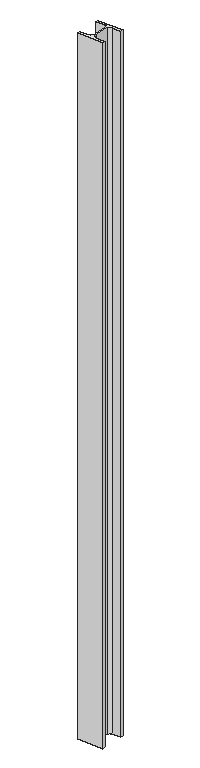
Revit family "VFL - Vigas com flange largo - Coluna", category Pilares estruturais, Revit 2019
Family settings
  Forma do corte = Não definido
  Material para o comportamento do modelo = Aço
  Exportar sempre como geometria = Não
  Redução da viga na planta = Da caixa de vinculação
  Corte com vazios quando carregada = Não
  Representação simbólica = Das configurações de projeto
  Compartilhado = Não
  Exibir o pré-corte da família na vista da planta = Sim
Parameters (values of type "HEB 100")
  tw = 6 mm
  tf = 10 mm
  r1 = 12 mm
  h = 100 mm
  b = 100 mm
  W = 20.4
  Structural Material [instance] = Metal - Aço 345 MPa
  A = 0.003 m²
Reference planes
  plane 1 "Centro (Frente/Trás)": y = 0
  plane 2: z = 0
  plane 3 "Centro (Esquerda/Direita)": x = 0
  plane 4 "Esquerda": x = -50
  plane 5 "Direita": x = 50
  plane 6 "Parte posterior": y = 50
  plane 7 "Parte frontal": y = -50
  plane 8: x = -3
  plane 9: x = 3
  plane 10: y = -40
  plane 11: y = 40
Forms (mm)
  Extrusion 1, solid, material "Metal - Aço 345 MPa" <- "Structural Material", detail levels medium
    sketch origin (0, 0, 0) x (1, 0, 0) y (0, 1, 0)
      loop
        line (-50, 50) -> (-50, 40) -> (-3, 40) -> (-3, -40) -> (-50, -40) -> (-50, -50) -> (50, -50) -> (50, -40) -> (3, -40) -> (3, 40) -> (50, 40) -> (50, 50) -> (-50, 50)
    from 0 to 2500
  Extrusion 2, solid, material "Metal - Aço 345 MPa" <- "Structural Material", detail levels fine
    sketch origin (0, 0, 0) x (1, 0, 0) y (0, 1, 0)
      loop
        line (50, 50) -> (-50, 50) -> (-50, 40) -> (-15, 40)
        arc (-15, 40) -> (-6.515, 36.485) -> (-3, 28) r 12
        line (-3, 28) -> (-3, -28)
        arc (-3, -28) -> (-6.515, -36.485) -> (-15, -40) r 12
        line (-15, -40) -> (-50, -40) -> (-50, -50) -> (50, -50) -> (50, -40) -> (15, -40)
        arc (15, -40) -> (6.515, -36.485) -> (3, -28) r 12
        line (3, -28) -> (3, 28)
        arc (3, 28) -> (6.515, 36.485) -> (15, 40) r 12
        line (15, 40) -> (50, 40) -> (50, 50)
    from 0 to 2500
Lines and regions (mm)
  symbolic lines, style "StructuralColumnStickSymbols", detail levels coarse
    curve 1: line (50, 50, 0) -> (-50, 50, 0)
    curve 2: line (-50, -50, 0) -> (50, -50, 0)
    curve 3: line (0, 50, 0) -> (0, -50, 0)
  symbolic lines, style "Faces ocultas", detail levels medium+fine
    curve 4: line (3, 50, 0) -> (3, 50, 2500)
    curve 5: line (-3, 50, 2500) -> (-3, 50, 0)
Dimensions and locks
  equal spacing: plane 4 "Esquerda", plane 3 "Centro (Esquerda/Direita)", plane 5 "Direita"
  equal spacing: plane 7 "Parte frontal", plane 1 "Centro (Frente/Trás)", plane 6 "Parte posterior"
  "b": plane 4 "Esquerda" to plane 5 "Direita"
  "h": plane 7 "Parte frontal" to plane 6 "Parte posterior"
  "tf": plane 6 "Parte posterior" to plane 11
  "tf": plane 10 to plane 7 "Parte frontal"
  equal spacing: plane 8, plane 3 "Centro (Esquerda/Direita)", plane 9
  "tw": plane 8 to plane 9
  "r1": radius of Extrusion 2 sketch curve  (x4)
  aligned and locked: level to plane 2
  aligned and locked: plane 6 "Parte posterior" to Extrusion 1 sketch curve
  aligned and locked: Extrusion 1 sketch curve to plane 7 "Parte frontal"
  aligned and locked: plane 5 "Direita" to Extrusion 1 sketch curve  (x2)
  aligned and locked: Extrusion 1 sketch curve to plane 4 "Esquerda"  (x2)
  aligned and locked: level to Extrusion 1
  aligned and locked: Extrusion 1 to level
  aligned and locked: plane 11 to Extrusion 1 sketch curve  (x2)
  aligned and locked: plane 8 to Extrusion 1 sketch curve
  aligned and locked: plane 9 to Extrusion 1 sketch curve
  aligned and locked: Extrusion 1 sketch curve to plane 10  (x2)
  aligned and locked: curve 1 to Extrusion 1
  aligned and locked: curve 2 to Extrusion 1
  aligned and locked: curve 3 to plane 3 "Centro (Esquerda/Direita)"
  aligned and locked: plane 4 "Esquerda" to curve 1
  aligned and locked: plane 5 "Direita" to curve 1
  aligned and locked: plane 4 "Esquerda" to curve 2
  aligned and locked: plane 5 "Direita" to curve 2
  aligned and locked: plane 7 "Parte frontal" to curve 3
  aligned and locked: plane 6 "Parte posterior" to curve 3
  aligned and locked: curve 4 to Extrusion 1
  aligned and locked: curve 5 to Extrusion 1
  aligned and locked: level to curve 4
  aligned and locked: level to curve 5
  aligned and locked: plane 2 to curve 4
  aligned and locked: plane 2 to curve 5
  aligned and locked: Extrusion 2 sketch curve to Extrusion 1  (x8)
  aligned and locked: Extrusion 1 to Extrusion 2 sketch curve  (x4)
  aligned and locked: level to Extrusion 2
  aligned and locked: Extrusion 2 to level
Automatic sketch dimensions
  curve 5 to plane 8 = 0 mm
  plane 9 to curve 4 = 0 mm
Types in the file's own list only (17): name | tw | tf | r1 | h | b | W | A
  HEB 120 | 7 mm | 11 mm | 12 mm | 120 mm | 120 mm | 0.0267 | 0.00 m²
  HEB 140 | 7 mm | 12 mm | 12 mm | 140 mm | 140 mm | 0.0337 | 0.00 m²
  HEB 160 | 8 mm | 13 mm | 15 mm | 160 mm | 160 mm | 0.0426 | 0.01 m²
  HEB 180 | 9 mm | 14 mm | 15 mm | 180 mm | 180 mm | 0.0512 | 0.01 m²
  HEB 200 | 9 mm | 15 mm | 18 mm | 200 mm | 200 mm | 0.0613 | 0.01 m²
  HEB 220 | 10 mm | 16 mm | 18 mm | 220 mm | 220 mm | 0.0715 | 0.01 m²
  HEB 240 | 10 mm | 17 mm | 21 mm | 240 mm | 240 mm | 0.0832 | 0.01 m²
  HEB 260 | 10 mm | 18 mm | 24 mm | 260 mm | 260 mm | 0.093 | 0.01 m²
  HEB 280 | 11 mm | 18 mm | 24 mm | 280 mm | 280 mm | 0.103 | 0.01 m²
  HEB 300 | 11 mm | 19 mm | 27 mm | 300 mm | 300 mm | 0.117 | 0.01 m²
  HEB 320 | 12 mm | 21 mm | 27 mm | 320 mm | 300 mm | 0.127 | 0.02 m²
  HEB 340 | 12 mm | 22 mm | 27 mm | 340 mm | 300 mm | 0.134 | 0.02 m²
  HEB 360 | 13 mm | 23 mm | 27 mm | 360 mm | 300 mm | 0.142 | 0.02 m²
  HEB 400 | 14 mm | 24 mm | 27 mm | 400 mm | 300 mm | 0.155 | 0.02 m²
  HEB 450 | 14 mm | 26 mm | 27 mm | 450 mm | 300 mm | 0.171 | 0.02 m²
  HEB 500 | 15 mm | 28 mm | 27 mm | 500 mm | 300 mm | 0.187 | 0.02 m²
  HEB 550 | 15 mm | 29 mm | 27 mm | 550 mm | 300 mm | 0.199 | 0.03 m²
